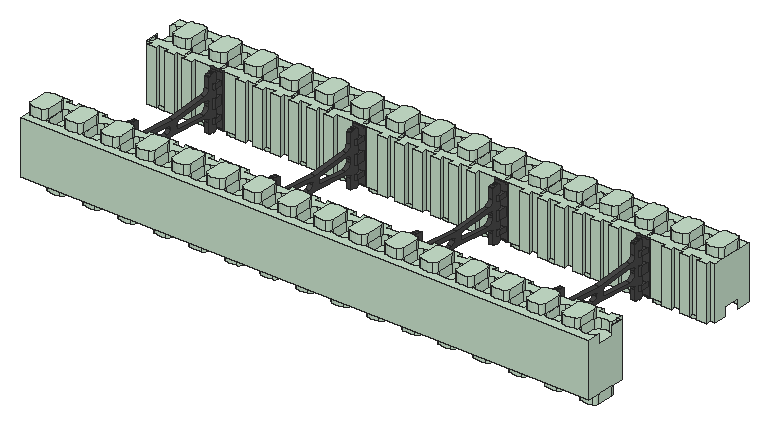
Revit family
Parameters (values of type "6-inch Height Adjuster")
  URL = "www.nudura.com"
  Overall Form Thickness = 0' - 11 1/4"
  Model = "6-inch Height Adjuster"
  Manufacturer = "NUDURA Corporation"
  Length = 2' - 8"
  Concrete Core Thickness = 0' - 6"
Reference planes (in)
  plane 1 "Center (Front/Back)": y = 0
  plane 2: z = 0
  plane 3 "Center (Left/Right)": x = 0
  plane 4: y = 2.625
  plane 5: x = 32
  plane 6: z = 3
  plane 7: y = 8.625
  plane 8: y = 11.25
Forms (in)
  Extrusion 1, solid, material "EPS- NUDURA- Foam Panel"
    sketch origin (0, 0, 0) x (1, 0, 0) y (0, 1, 0)
      loop
        line (0, 2.375) -> (0, 0) -> (32, 0) -> (32, 2.375) -> (31.71883, 2.375) -> (31.78117, 2.625) -> (31.21883, 2.625) -> (31.28117, 2.375) -> (30.71883, 2.375) -> (30.78117, 2.625) -> (30.21883, 2.625) -> (30.28117, 2.375) -> (29.71883, 2.375) -> (29.78117, 2.625) -> (29.21883, 2.625) -> (29.28117, 2.375) -> (26.71883, 2.375) -> (26.78117, 2.625) -> (26.21883, 2.625) -> (26.28117, 2.375) -> (25.71883, 2.375) -> (25.78117, 2.625) -> (25.21883, 2.625) -> (25.28117, 2.375) -> (24.71883, 2.375) -> (24.78117, 2.625) -> (24.21883, 2.625) -> (24.28117, 2.375) -> (23.71883, 2.375) -> (23.78117, 2.625) -> (23.21883, 2.625) -> (23.28117, 2.375) -> (22.71883, 2.375) -> (22.78117, 2.625) -> (22.21883, 2.625) -> (22.28117, 2.375) -> (21.71883, 2.375) -> (21.78117, 2.625) -> (21.21883, 2.625) -> (21.28117, 2.375) -> (18.71883, 2.375) -> (18.78117, 2.625) -> (18.21883, 2.625) -> (18.28117, 2.375) -> (17.71883, 2.375) -> (17.78117, 2.625) -> (17.21883, 2.625) -> (17.28117, 2.375) -> (16.71883, 2.375) -> (16.78117, 2.625) -> (16.21883, 2.625) -> (16.28117, 2.375) -> (15.71883, 2.375) -> (15.78117, 2.625) -> (15.21883, 2.625) -> (15.28117, 2.375) -> (14.71883, 2.375) -> (14.78117, 2.625) -> (14.21883, 2.625) -> (14.28117, 2.375) -> (13.71883, 2.375) -> (13.78117, 2.625) -> (13.21883, 2.625) -> (13.28117, 2.375) -> (10.71883, 2.375) -> (10.78117, 2.625) -> (10.21883, 2.625) -> (10.28117, 2.375) -> (9.71883, 2.375) -> (9.78117, 2.625) -> (9.21883, 2.625) -> (9.28117, 2.375) -> (8.71883, 2.375) -> (8.78117, 2.625) -> (8.21883, 2.625) -> (8.28117, 2.375) -> (7.71883, 2.375) -> (7.78117, 2.625) -> (7.21883, 2.625) -> (7.28117, 2.375) -> (6.71883, 2.375) -> (6.78117, 2.625) -> (6.21883, 2.625) -> (6.28117, 2.375) -> (5.71883, 2.375) -> (5.78117, 2.625) -> (5.21883, 2.625) -> (5.28117, 2.375) -> (2.71883, 2.375) -> (2.78117, 2.625) -> (2.21883, 2.625) -> (2.28117, 2.375) -> (1.71883, 2.375) -> (1.78117, 2.625) -> (1.21883, 2.625) -> (1.28117, 2.375) -> (0.71883, 2.375) -> (0.78117, 2.625) -> (0.21883, 2.625) -> (0.28117, 2.375) -> (0, 2.375)
      loop
        line (0, 8.875) -> (0.28117, 8.875) -> (0.21883, 8.625) -> (0.78117, 8.625) -> (0.71883, 8.875) -> (1.28117, 8.875) -> (1.21883, 8.625) -> (1.78117, 8.625) -> (1.71883, 8.875) -> (2.28117, 8.875) -> (2.21883, 8.625) -> (2.78117, 8.625) -> (2.71883, 8.875) -> (5.28117, 8.875) -> (5.21883, 8.625) -> (5.78117, 8.625) -> (5.71883, 8.875) -> (6.28117, 8.875) -> (6.21883, 8.625) -> (6.78117, 8.625) -> (6.71883, 8.875) -> (7.28117, 8.875) -> (7.21883, 8.625) -> (7.78117, 8.625) -> (7.71883, 8.875) -> (8.28117, 8.875) -> (8.21883, 8.625) -> (8.78117, 8.625) -> (8.71883, 8.875) -> (9.28117, 8.875) -> (9.21883, 8.625) -> (9.78117, 8.625) -> (9.71883, 8.875) -> (10.28117, 8.875) -> (10.21883, 8.625) -> (10.78117, 8.625) -> (10.71883, 8.875) -> (13.28117, 8.875) -> (13.21883, 8.625) -> (13.78117, 8.625) -> (13.71883, 8.875) -> (14.28117, 8.875) -> (14.21883, 8.625) -> (14.78117, 8.625) -> (14.71883, 8.875) -> (15.28117, 8.875) -> (15.21883, 8.625) -> (15.78117, 8.625) -> (15.71883, 8.875) -> (16.28117, 8.875) -> (16.21883, 8.625) -> (16.78117, 8.625) -> (16.71883, 8.875) -> (17.28117, 8.875) -> (17.21883, 8.625) -> (17.78117, 8.625) -> (17.71883, 8.875) -> (18.28117, 8.875) -> (18.21883, 8.625) -> (18.78117, 8.625) -> (18.71883, 8.875) -> (21.28117, 8.875) -> (21.21883, 8.625) -> (21.78117, 8.625) -> (21.71883, 8.875) -> (22.28117, 8.875) -> (22.21883, 8.625) -> (22.78117, 8.625) -> (22.71883, 8.875) -> (23.28117, 8.875) -> (23.21883, 8.625) -> (23.78117, 8.625) -> (23.71883, 8.875) -> (24.28117, 8.875) -> (24.21883, 8.625) -> (24.78117, 8.625) -> (24.71883, 8.875) -> (25.28117, 8.875) -> (25.21883, 8.625) -> (25.78117, 8.625) -> (25.71883, 8.875) -> (26.28117, 8.875) -> (26.21883, 8.625) -> (26.78117, 8.625) -> (26.71883, 8.875) -> (29.28117, 8.875) -> (29.21883, 8.625) -> (29.78117, 8.625) -> (29.71883, 8.875) -> (30.28117, 8.875) -> (30.21883, 8.625) -> (30.78117, 8.625) -> (30.71883, 8.875) -> (31.28117, 8.875) -> (31.21883, 8.625) -> (31.78117, 8.625) -> (31.71883, 8.875) -> (32, 8.875) -> (32, 11.25) -> (0, 11.25) -> (0, 8.875)
    from 0 to 3
  Extrusion 2, void
    sketch origin (0, 0, 0) x (1, 0, 0) y (0, 1, 0)
      loop
        line (1.74592, 2.20655) -> (1.74592, 1.98495)
        arc (1.74592, 1.98495) -> (1.72385, 1.93729) -> (1.67323, 1.92328) r 0.0625
        arc (1.67323, 1.92328) -> (1.42092, 1.93455) -> (1.17308, 1.88595) r 1.0625
        arc (1.17308, 1.88595) -> (1.04785, 1.79517) -> (1, 1.64808) r 0.25
        line (1, 1.64808) -> (1, 0.72692)
        arc (1, 0.72692) -> (1.04785, 0.57983) -> (1.17308, 0.48905) r 0.25
        arc (1.17308, 0.48905) -> (1.5, 0.4375) -> (1.82692, 0.48905) r 1.0625
        arc (1.82692, 0.48905) -> (1.95215, 0.57983) -> (2, 0.72692) r 0.25
        line (2, 0.72692) -> (2, 1.64808)
        arc (2, 1.64808) -> (1.98276, 1.73932) -> (1.9334, 1.81798) r 0.25
        arc (1.9334, 1.81798) -> (1.92106, 1.83764) -> (1.91675, 1.86045) r 0.0625
        line (1.91675, 1.86045) -> (1.91675, 2.20655) -> (1.74592, 2.20655)
    from 3 to 2.5
  Extrusion 3, void
    sketch origin (2, 0, 0) x (1, 0, 0) y (0, 1, 0)
      loop
        line (1.74592, 2.20655) -> (1.74592, 1.98495)
        arc (1.74592, 1.98495) -> (1.72385, 1.93729) -> (1.67323, 1.92328) r 0.0625
        arc (1.67323, 1.92328) -> (1.42092, 1.93455) -> (1.17308, 1.88595) r 1.0625
        arc (1.17308, 1.88595) -> (1.04785, 1.79517) -> (1, 1.64808) r 0.25
        line (1, 1.64808) -> (1, 0.72692)
        arc (1, 0.72692) -> (1.04785, 0.57983) -> (1.17308, 0.48905) r 0.25
        arc (1.17308, 0.48905) -> (1.5, 0.4375) -> (1.82692, 0.48905) r 1.0625
        arc (1.82692, 0.48905) -> (1.95215, 0.57983) -> (2, 0.72692) r 0.25
        line (2, 0.72692) -> (2, 1.64808)
        arc (2, 1.64808) -> (1.98276, 1.73932) -> (1.9334, 1.81798) r 0.25
        arc (1.9334, 1.81798) -> (1.92106, 1.83764) -> (1.91675, 1.86045) r 0.0625
        line (1.91675, 1.86045) -> (1.91675, 2.20655) -> (1.74592, 2.20655)
    from 3 to 2.5
  Extrusion 4, void
    sketch origin (4, 0, 0) x (1, 0, 0) y (0, 1, 0)
      loop
        line (1.74592, 2.20655) -> (1.74592, 1.98495)
        arc (1.74592, 1.98495) -> (1.72385, 1.93729) -> (1.67323, 1.92328) r 0.0625
        arc (1.67323, 1.92328) -> (1.42092, 1.93455) -> (1.17308, 1.88595) r 1.0625
        arc (1.17308, 1.88595) -> (1.04785, 1.79517) -> (1, 1.64808) r 0.25
        line (1, 1.64808) -> (1, 0.72692)
        arc (1, 0.72692) -> (1.04785, 0.57983) -> (1.17308, 0.48905) r 0.25
        arc (1.17308, 0.48905) -> (1.5, 0.4375) -> (1.82692, 0.48905) r 1.0625
        arc (1.82692, 0.48905) -> (1.95215, 0.57983) -> (2, 0.72692) r 0.25
        line (2, 0.72692) -> (2, 1.64808)
        arc (2, 1.64808) -> (1.98276, 1.73932) -> (1.9334, 1.81798) r 0.25
        arc (1.9334, 1.81798) -> (1.92106, 1.83764) -> (1.91675, 1.86045) r 0.0625
        line (1.91675, 1.86045) -> (1.91675, 2.20655) -> (1.74592, 2.20655)
    from 3 to 2.5
  Extrusion 5, void
    sketch origin (6, 0, 0) x (1, 0, 0) y (0, 1, 0)
      loop
        line (1.74592, 2.20655) -> (1.74592, 1.98495)
        arc (1.74592, 1.98495) -> (1.72385, 1.93729) -> (1.67323, 1.92328) r 0.0625
        arc (1.67323, 1.92328) -> (1.42092, 1.93455) -> (1.17308, 1.88595) r 1.0625
        arc (1.17308, 1.88595) -> (1.04785, 1.79517) -> (1, 1.64808) r 0.25
        line (1, 1.64808) -> (1, 0.72692)
        arc (1, 0.72692) -> (1.04785, 0.57983) -> (1.17308, 0.48905) r 0.25
        arc (1.17308, 0.48905) -> (1.5, 0.4375) -> (1.82692, 0.48905) r 1.0625
        arc (1.82692, 0.48905) -> (1.95215, 0.57983) -> (2, 0.72692) r 0.25
        line (2, 0.72692) -> (2, 1.64808)
        arc (2, 1.64808) -> (1.98276, 1.73932) -> (1.9334, 1.81798) r 0.25
        arc (1.9334, 1.81798) -> (1.92106, 1.83764) -> (1.91675, 1.86045) r 0.0625
        line (1.91675, 1.86045) -> (1.91675, 2.20655) -> (1.74592, 2.20655)
    from 3 to 2.5
  Extrusion 6, void
    sketch origin (8, 0, 0) x (1, 0, 0) y (0, 1, 0)
      loop
        line (1.74592, 2.20655) -> (1.74592, 1.98495)
        arc (1.74592, 1.98495) -> (1.72385, 1.93729) -> (1.67323, 1.92328) r 0.0625
        arc (1.67323, 1.92328) -> (1.42092, 1.93455) -> (1.17308, 1.88595) r 1.0625
        arc (1.17308, 1.88595) -> (1.04785, 1.79517) -> (1, 1.64808) r 0.25
        line (1, 1.64808) -> (1, 0.72692)
        arc (1, 0.72692) -> (1.04785, 0.57983) -> (1.17308, 0.48905) r 0.25
        arc (1.17308, 0.48905) -> (1.5, 0.4375) -> (1.82692, 0.48905) r 1.0625
        arc (1.82692, 0.48905) -> (1.95215, 0.57983) -> (2, 0.72692) r 0.25
        line (2, 0.72692) -> (2, 1.64808)
        arc (2, 1.64808) -> (1.98276, 1.73932) -> (1.9334, 1.81798) r 0.25
        arc (1.9334, 1.81798) -> (1.92106, 1.83764) -> (1.91675, 1.86045) r 0.0625
        line (1.91675, 1.86045) -> (1.91675, 2.20655) -> (1.74592, 2.20655)
    from 3 to 2.5
  Extrusion 7, void
    sketch origin (10, 0, 0) x (1, 0, 0) y (0, 1, 0)
      loop
        line (1.74592, 2.20655) -> (1.74592, 1.98495)
        arc (1.74592, 1.98495) -> (1.72385, 1.93729) -> (1.67323, 1.92328) r 0.0625
        arc (1.67323, 1.92328) -> (1.42092, 1.93455) -> (1.17308, 1.88595) r 1.0625
        arc (1.17308, 1.88595) -> (1.04785, 1.79517) -> (1, 1.64808) r 0.25
        line (1, 1.64808) -> (1, 0.72692)
        arc (1, 0.72692) -> (1.04785, 0.57983) -> (1.17308, 0.48905) r 0.25
        arc (1.17308, 0.48905) -> (1.5, 0.4375) -> (1.82692, 0.48905) r 1.0625
        arc (1.82692, 0.48905) -> (1.95215, 0.57983) -> (2, 0.72692) r 0.25
        line (2, 0.72692) -> (2, 1.64808)
        arc (2, 1.64808) -> (1.98276, 1.73932) -> (1.9334, 1.81798) r 0.25
        arc (1.9334, 1.81798) -> (1.92106, 1.83764) -> (1.91675, 1.86045) r 0.0625
        line (1.91675, 1.86045) -> (1.91675, 2.20655) -> (1.74592, 2.20655)
    from 3 to 2.5
  Extrusion 8, void
    sketch origin (12, 0, 0) x (1, 0, 0) y (0, 1, 0)
      loop
        line (1.74592, 2.20655) -> (1.74592, 1.98495)
        arc (1.74592, 1.98495) -> (1.72385, 1.93729) -> (1.67323, 1.92328) r 0.0625
        arc (1.67323, 1.92328) -> (1.42092, 1.93455) -> (1.17308, 1.88595) r 1.0625
        arc (1.17308, 1.88595) -> (1.04785, 1.79517) -> (1, 1.64808) r 0.25
        line (1, 1.64808) -> (1, 0.72692)
        arc (1, 0.72692) -> (1.04785, 0.57983) -> (1.17308, 0.48905) r 0.25
        arc (1.17308, 0.48905) -> (1.5, 0.4375) -> (1.82692, 0.48905) r 1.0625
        arc (1.82692, 0.48905) -> (1.95215, 0.57983) -> (2, 0.72692) r 0.25
        line (2, 0.72692) -> (2, 1.64808)
        arc (2, 1.64808) -> (1.98276, 1.73932) -> (1.9334, 1.81798) r 0.25
        arc (1.9334, 1.81798) -> (1.92106, 1.83764) -> (1.91675, 1.86045) r 0.0625
        line (1.91675, 1.86045) -> (1.91675, 2.20655) -> (1.74592, 2.20655)
    from 3 to 2.5
  Extrusion 9, void
    sketch origin (14, 0, 0) x (1, 0, 0) y (0, 1, 0)
      loop
        line (1.74592, 2.20655) -> (1.74592, 1.98495)
        arc (1.74592, 1.98495) -> (1.72385, 1.93729) -> (1.67323, 1.92328) r 0.0625
        arc (1.67323, 1.92328) -> (1.42092, 1.93455) -> (1.17308, 1.88595) r 1.0625
        arc (1.17308, 1.88595) -> (1.04785, 1.79517) -> (1, 1.64808) r 0.25
        line (1, 1.64808) -> (1, 0.72692)
        arc (1, 0.72692) -> (1.04785, 0.57983) -> (1.17308, 0.48905) r 0.25
        arc (1.17308, 0.48905) -> (1.5, 0.4375) -> (1.82692, 0.48905) r 1.0625
        arc (1.82692, 0.48905) -> (1.95215, 0.57983) -> (2, 0.72692) r 0.25
        line (2, 0.72692) -> (2, 1.64808)
        arc (2, 1.64808) -> (1.98276, 1.73932) -> (1.9334, 1.81798) r 0.25
        arc (1.9334, 1.81798) -> (1.92106, 1.83764) -> (1.91675, 1.86045) r 0.0625
        line (1.91675, 1.86045) -> (1.91675, 2.20655) -> (1.74592, 2.20655)
    from 3 to 2.5
  Extrusion 10, void
    sketch origin (16, 0, 0) x (1, 0, 0) y (0, 1, 0)
      loop
        line (1.74592, 2.20655) -> (1.74592, 1.98495)
        arc (1.74592, 1.98495) -> (1.72385, 1.93729) -> (1.67323, 1.92328) r 0.0625
        arc (1.67323, 1.92328) -> (1.42092, 1.93455) -> (1.17308, 1.88595) r 1.0625
        arc (1.17308, 1.88595) -> (1.04785, 1.79517) -> (1, 1.64808) r 0.25
        line (1, 1.64808) -> (1, 0.72692)
        arc (1, 0.72692) -> (1.04785, 0.57983) -> (1.17308, 0.48905) r 0.25
        arc (1.17308, 0.48905) -> (1.5, 0.4375) -> (1.82692, 0.48905) r 1.0625
        arc (1.82692, 0.48905) -> (1.95215, 0.57983) -> (2, 0.72692) r 0.25
        line (2, 0.72692) -> (2, 1.64808)
        arc (2, 1.64808) -> (1.98276, 1.73932) -> (1.9334, 1.81798) r 0.25
        arc (1.9334, 1.81798) -> (1.92106, 1.83764) -> (1.91675, 1.86045) r 0.0625
        line (1.91675, 1.86045) -> (1.91675, 2.20655) -> (1.74592, 2.20655)
    from 3 to 2.5
  Extrusion 11, void
    sketch origin (18, 0, 0) x (1, 0, 0) y (0, 1, 0)
      loop
        line (1.74592, 2.20655) -> (1.74592, 1.98495)
        arc (1.74592, 1.98495) -> (1.72385, 1.93729) -> (1.67323, 1.92328) r 0.0625
        arc (1.67323, 1.92328) -> (1.42092, 1.93455) -> (1.17308, 1.88595) r 1.0625
        arc (1.17308, 1.88595) -> (1.04785, 1.79517) -> (1, 1.64808) r 0.25
        line (1, 1.64808) -> (1, 0.72692)
        arc (1, 0.72692) -> (1.04785, 0.57983) -> (1.17308, 0.48905) r 0.25
        arc (1.17308, 0.48905) -> (1.5, 0.4375) -> (1.82692, 0.48905) r 1.0625
        arc (1.82692, 0.48905) -> (1.95215, 0.57983) -> (2, 0.72692) r 0.25
        line (2, 0.72692) -> (2, 1.64808)
        arc (2, 1.64808) -> (1.98276, 1.73932) -> (1.9334, 1.81798) r 0.25
        arc (1.9334, 1.81798) -> (1.92106, 1.83764) -> (1.91675, 1.86045) r 0.0625
        line (1.91675, 1.86045) -> (1.91675, 2.20655) -> (1.74592, 2.20655)
    from 3 to 2.5
  Extrusion 12, void
    sketch origin (20, 0, 0) x (1, 0, 0) y (0, 1, 0)
      loop
        line (1.74592, 2.20655) -> (1.74592, 1.98495)
        arc (1.74592, 1.98495) -> (1.72385, 1.93729) -> (1.67323, 1.92328) r 0.0625
        arc (1.67323, 1.92328) -> (1.42092, 1.93455) -> (1.17308, 1.88595) r 1.0625
        arc (1.17308, 1.88595) -> (1.04785, 1.79517) -> (1, 1.64808) r 0.25
        line (1, 1.64808) -> (1, 0.72692)
        arc (1, 0.72692) -> (1.04785, 0.57983) -> (1.17308, 0.48905) r 0.25
        arc (1.17308, 0.48905) -> (1.5, 0.4375) -> (1.82692, 0.48905) r 1.0625
        arc (1.82692, 0.48905) -> (1.95215, 0.57983) -> (2, 0.72692) r 0.25
        line (2, 0.72692) -> (2, 1.64808)
        arc (2, 1.64808) -> (1.98276, 1.73932) -> (1.9334, 1.81798) r 0.25
        arc (1.9334, 1.81798) -> (1.92106, 1.83764) -> (1.91675, 1.86045) r 0.0625
        line (1.91675, 1.86045) -> (1.91675, 2.20655) -> (1.74592, 2.20655)
    from 3 to 2.5
  Extrusion 13, void
    sketch origin (22, 0, 0) x (1, 0, 0) y (0, 1, 0)
      loop
        line (1.74592, 2.20655) -> (1.74592, 1.98495)
        arc (1.74592, 1.98495) -> (1.72385, 1.93729) -> (1.67323, 1.92328) r 0.0625
        arc (1.67323, 1.92328) -> (1.42092, 1.93455) -> (1.17308, 1.88595) r 1.0625
        arc (1.17308, 1.88595) -> (1.04785, 1.79517) -> (1, 1.64808) r 0.25
        line (1, 1.64808) -> (1, 0.72692)
        arc (1, 0.72692) -> (1.04785, 0.57983) -> (1.17308, 0.48905) r 0.25
        arc (1.17308, 0.48905) -> (1.5, 0.4375) -> (1.82692, 0.48905) r 1.0625
        arc (1.82692, 0.48905) -> (1.95215, 0.57983) -> (2, 0.72692) r 0.25
        line (2, 0.72692) -> (2, 1.64808)
        arc (2, 1.64808) -> (1.98276, 1.73932) -> (1.9334, 1.81798) r 0.25
        arc (1.9334, 1.81798) -> (1.92106, 1.83764) -> (1.91675, 1.86045) r 0.0625
        line (1.91675, 1.86045) -> (1.91675, 2.20655) -> (1.74592, 2.20655)
    from 3 to 2.5
  Extrusion 14, void
    sketch origin (24, 0, 0) x (1, 0, 0) y (0, 1, 0)
      loop
        line (1.74592, 2.20655) -> (1.74592, 1.98495)
        arc (1.74592, 1.98495) -> (1.72385, 1.93729) -> (1.67323, 1.92328) r 0.0625
        arc (1.67323, 1.92328) -> (1.42092, 1.93455) -> (1.17308, 1.88595) r 1.0625
        arc (1.17308, 1.88595) -> (1.04785, 1.79517) -> (1, 1.64808) r 0.25
        line (1, 1.64808) -> (1, 0.72692)
        arc (1, 0.72692) -> (1.04785, 0.57983) -> (1.17308, 0.48905) r 0.25
        arc (1.17308, 0.48905) -> (1.5, 0.4375) -> (1.82692, 0.48905) r 1.0625
        arc (1.82692, 0.48905) -> (1.95215, 0.57983) -> (2, 0.72692) r 0.25
        line (2, 0.72692) -> (2, 1.64808)
        arc (2, 1.64808) -> (1.98276, 1.73932) -> (1.9334, 1.81798) r 0.25
        arc (1.9334, 1.81798) -> (1.92106, 1.83764) -> (1.91675, 1.86045) r 0.0625
        line (1.91675, 1.86045) -> (1.91675, 2.20655) -> (1.74592, 2.20655)
    from 3 to 2.5
  Extrusion 15, void
    sketch origin (26, 0, 0) x (1, 0, 0) y (0, 1, 0)
      loop
        line (1.74592, 2.20655) -> (1.74592, 1.98495)
        arc (1.74592, 1.98495) -> (1.72385, 1.93729) -> (1.67323, 1.92328) r 0.0625
        arc (1.67323, 1.92328) -> (1.42092, 1.93455) -> (1.17308, 1.88595) r 1.0625
        arc (1.17308, 1.88595) -> (1.04785, 1.79517) -> (1, 1.64808) r 0.25
        line (1, 1.64808) -> (1, 0.72692)
        arc (1, 0.72692) -> (1.04785, 0.57983) -> (1.17308, 0.48905) r 0.25
        arc (1.17308, 0.48905) -> (1.5, 0.4375) -> (1.82692, 0.48905) r 1.0625
        arc (1.82692, 0.48905) -> (1.95215, 0.57983) -> (2, 0.72692) r 0.25
        line (2, 0.72692) -> (2, 1.64808)
        arc (2, 1.64808) -> (1.98276, 1.73932) -> (1.9334, 1.81798) r 0.25
        arc (1.9334, 1.81798) -> (1.92106, 1.83764) -> (1.91675, 1.86045) r 0.0625
        line (1.91675, 1.86045) -> (1.91675, 2.20655) -> (1.74592, 2.20655)
    from 3 to 2.5
  Extrusion 16, void
    sketch origin (28, 0, 0) x (1, 0, 0) y (0, 1, 0)
      loop
        line (1.74592, 2.20655) -> (1.74592, 1.98495)
        arc (1.74592, 1.98495) -> (1.72385, 1.93729) -> (1.67323, 1.92328) r 0.0625
        arc (1.67323, 1.92328) -> (1.42092, 1.93455) -> (1.17308, 1.88595) r 1.0625
        arc (1.17308, 1.88595) -> (1.04785, 1.79517) -> (1, 1.64808) r 0.25
        line (1, 1.64808) -> (1, 0.72692)
        arc (1, 0.72692) -> (1.04785, 0.57983) -> (1.17308, 0.48905) r 0.25
        arc (1.17308, 0.48905) -> (1.5, 0.4375) -> (1.82692, 0.48905) r 1.0625
        arc (1.82692, 0.48905) -> (1.95215, 0.57983) -> (2, 0.72692) r 0.25
        line (2, 0.72692) -> (2, 1.64808)
        arc (2, 1.64808) -> (1.98276, 1.73932) -> (1.9334, 1.81798) r 0.25
        arc (1.9334, 1.81798) -> (1.92106, 1.83764) -> (1.91675, 1.86045) r 0.0625
        line (1.91675, 1.86045) -> (1.91675, 2.20655) -> (1.74592, 2.20655)
    from 3 to 2.5
  Extrusion 17, void
    sketch origin (30, 0, 0) x (1, 0, 0) y (0, 1, 0)
      loop
        line (1.74592, 2.20655) -> (1.74592, 1.98495)
        arc (1.74592, 1.98495) -> (1.72385, 1.93729) -> (1.67323, 1.92328) r 0.0625
        arc (1.67323, 1.92328) -> (1.42092, 1.93455) -> (1.17308, 1.88595) r 1.0625
        arc (1.17308, 1.88595) -> (1.04785, 1.79517) -> (1, 1.64808) r 0.25
        line (1, 1.64808) -> (1, 0.72692)
        arc (1, 0.72692) -> (1.04785, 0.57983) -> (1.17308, 0.48905) r 0.25
        arc (1.17308, 0.48905) -> (1.5, 0.4375) -> (1.82692, 0.48905) r 1.0625
        arc (1.82692, 0.48905) -> (1.95215, 0.57983) -> (2, 0.72692) r 0.25
        line (2, 0.72692) -> (2, 1.64808)
        arc (2, 1.64808) -> (1.98276, 1.73932) -> (1.9334, 1.81798) r 0.25
        arc (1.9334, 1.81798) -> (1.92106, 1.83764) -> (1.91675, 1.86045) r 0.0625
        line (1.91675, 1.86045) -> (1.91675, 2.20655) -> (1.74592, 2.20655)
    from 3 to 2.5
  Extrusion 18, void
    sketch origin (0, 0, 0) x (1, 0, 0) y (0, 1, 0)
      loop
        line (0.25408, 2.20655) -> (0.08325, 2.20655) -> (0.08325, 1.86045)
        arc (0.08325, 1.86045) -> (0.07894, 1.83764) -> (0.0666, 1.81798) r 0.0625
        arc (0.0666, 1.81798) -> (0.01724, 1.73932) -> (0, 1.64808) r 0.25
        line (0, 1.64808) -> (0, 0.72692)
        arc (0, 0.72692) -> (0.04785, 0.57983) -> (0.17308, 0.48905) r 0.25
        arc (0.17308, 0.48905) -> (0.5, 0.4375) -> (0.82692, 0.48905) r 1.0625
        arc (0.82692, 0.48905) -> (0.95215, 0.57983) -> (1, 0.72692) r 0.25
        line (1, 0.72692) -> (1, 1.64808)
        arc (1, 1.64808) -> (0.95215, 1.79517) -> (0.82692, 1.88595) r 0.25
        arc (0.82692, 1.88595) -> (0.57908, 1.93455) -> (0.32677, 1.92328) r 1.0625
        arc (0.32677, 1.92328) -> (0.27615, 1.93729) -> (0.25408, 1.98495) r 0.0625
        line (0.25408, 1.98495) -> (0.25408, 2.20655)
    from 0 to 0.5
  Extrusion 19, void
    sketch origin (2, 0, 0) x (1, 0, 0) y (0, 1, 0)
      loop
        line (0.25408, 2.20655) -> (0.08325, 2.20655) -> (0.08325, 1.86045)
        arc (0.08325, 1.86045) -> (0.07894, 1.83764) -> (0.0666, 1.81798) r 0.0625
        arc (0.0666, 1.81798) -> (0.01724, 1.73932) -> (0, 1.64808) r 0.25
        line (0, 1.64808) -> (0, 0.72692)
        arc (0, 0.72692) -> (0.04785, 0.57983) -> (0.17308, 0.48905) r 0.25
        arc (0.17308, 0.48905) -> (0.5, 0.4375) -> (0.82692, 0.48905) r 1.0625
        arc (0.82692, 0.48905) -> (0.95215, 0.57983) -> (1, 0.72692) r 0.25
        line (1, 0.72692) -> (1, 1.64808)
        arc (1, 1.64808) -> (0.95215, 1.79517) -> (0.82692, 1.88595) r 0.25
        arc (0.82692, 1.88595) -> (0.57908, 1.93455) -> (0.32677, 1.92328) r 1.0625
        arc (0.32677, 1.92328) -> (0.27615, 1.93729) -> (0.25408, 1.98495) r 0.0625
        line (0.25408, 1.98495) -> (0.25408, 2.20655)
    from 0 to 0.5
  Extrusion 20, void
    sketch origin (4, 0, 0) x (1, 0, 0) y (0, 1, 0)
      loop
        line (0.25408, 2.20655) -> (0.08325, 2.20655) -> (0.08325, 1.86045)
        arc (0.08325, 1.86045) -> (0.07894, 1.83764) -> (0.0666, 1.81798) r 0.0625
        arc (0.0666, 1.81798) -> (0.01724, 1.73932) -> (0, 1.64808) r 0.25
        line (0, 1.64808) -> (0, 0.72692)
        arc (0, 0.72692) -> (0.04785, 0.57983) -> (0.17308, 0.48905) r 0.25
        arc (0.17308, 0.48905) -> (0.5, 0.4375) -> (0.82692, 0.48905) r 1.0625
        arc (0.82692, 0.48905) -> (0.95215, 0.57983) -> (1, 0.72692) r 0.25
        line (1, 0.72692) -> (1, 1.64808)
        arc (1, 1.64808) -> (0.95215, 1.79517) -> (0.82692, 1.88595) r 0.25
        arc (0.82692, 1.88595) -> (0.57908, 1.93455) -> (0.32677, 1.92328) r 1.0625
        arc (0.32677, 1.92328) -> (0.27615, 1.93729) -> (0.25408, 1.98495) r 0.0625
        line (0.25408, 1.98495) -> (0.25408, 2.20655)
    from 0 to 0.5
  Extrusion 21, void
    sketch origin (6, 0, 0) x (1, 0, 0) y (0, 1, 0)
      loop
        line (0.25408, 2.20655) -> (0.08325, 2.20655) -> (0.08325, 1.86045)
        arc (0.08325, 1.86045) -> (0.07894, 1.83764) -> (0.0666, 1.81798) r 0.0625
        arc (0.0666, 1.81798) -> (0.01724, 1.73932) -> (0, 1.64808) r 0.25
        line (0, 1.64808) -> (0, 0.72692)
        arc (0, 0.72692) -> (0.04785, 0.57983) -> (0.17308, 0.48905) r 0.25
        arc (0.17308, 0.48905) -> (0.5, 0.4375) -> (0.82692, 0.48905) r 1.0625
        arc (0.82692, 0.48905) -> (0.95215, 0.57983) -> (1, 0.72692) r 0.25
        line (1, 0.72692) -> (1, 1.64808)
        arc (1, 1.64808) -> (0.95215, 1.79517) -> (0.82692, 1.88595) r 0.25
        arc (0.82692, 1.88595) -> (0.57908, 1.93455) -> (0.32677, 1.92328) r 1.0625
        arc (0.32677, 1.92328) -> (0.27615, 1.93729) -> (0.25408, 1.98495) r 0.0625
        line (0.25408, 1.98495) -> (0.25408, 2.20655)
    from 0 to 0.5
  Extrusion 22, void
    sketch origin (8, 0, 0) x (1, 0, 0) y (0, 1, 0)
      loop
        line (0.25408, 2.20655) -> (0.08325, 2.20655) -> (0.08325, 1.86045)
        arc (0.08325, 1.86045) -> (0.07894, 1.83764) -> (0.0666, 1.81798) r 0.0625
        arc (0.0666, 1.81798) -> (0.01724, 1.73932) -> (0, 1.64808) r 0.25
        line (0, 1.64808) -> (0, 0.72692)
        arc (0, 0.72692) -> (0.04785, 0.57983) -> (0.17308, 0.48905) r 0.25
        arc (0.17308, 0.48905) -> (0.5, 0.4375) -> (0.82692, 0.48905) r 1.0625
        arc (0.82692, 0.48905) -> (0.95215, 0.57983) -> (1, 0.72692) r 0.25
        line (1, 0.72692) -> (1, 1.64808)
        arc (1, 1.64808) -> (0.95215, 1.79517) -> (0.82692, 1.88595) r 0.25
        arc (0.82692, 1.88595) -> (0.57908, 1.93455) -> (0.32677, 1.92328) r 1.0625
        arc (0.32677, 1.92328) -> (0.27615, 1.93729) -> (0.25408, 1.98495) r 0.0625
        line (0.25408, 1.98495) -> (0.25408, 2.20655)
    from 0 to 0.5
  Extrusion 23, void
    sketch origin (10, 0, 0) x (1, 0, 0) y (0, 1, 0)
      loop
        line (0.25408, 2.20655) -> (0.08325, 2.20655) -> (0.08325, 1.86045)
        arc (0.08325, 1.86045) -> (0.07894, 1.83764) -> (0.0666, 1.81798) r 0.0625
        arc (0.0666, 1.81798) -> (0.01724, 1.73932) -> (0, 1.64808) r 0.25
        line (0, 1.64808) -> (0, 0.72692)
        arc (0, 0.72692) -> (0.04785, 0.57983) -> (0.17308, 0.48905) r 0.25
        arc (0.17308, 0.48905) -> (0.5, 0.4375) -> (0.82692, 0.48905) r 1.0625
        arc (0.82692, 0.48905) -> (0.95215, 0.57983) -> (1, 0.72692) r 0.25
        line (1, 0.72692) -> (1, 1.64808)
        arc (1, 1.64808) -> (0.95215, 1.79517) -> (0.82692, 1.88595) r 0.25
        arc (0.82692, 1.88595) -> (0.57908, 1.93455) -> (0.32677, 1.92328) r 1.0625
        arc (0.32677, 1.92328) -> (0.27615, 1.93729) -> (0.25408, 1.98495) r 0.0625
        line (0.25408, 1.98495) -> (0.25408, 2.20655)
    from 0 to 0.5
  Extrusion 24, void
    sketch origin (12, 0, 0) x (1, 0, 0) y (0, 1, 0)
      loop
        line (0.25408, 2.20655) -> (0.08325, 2.20655) -> (0.08325, 1.86045)
        arc (0.08325, 1.86045) -> (0.07894, 1.83764) -> (0.0666, 1.81798) r 0.0625
        arc (0.0666, 1.81798) -> (0.01724, 1.73932) -> (0, 1.64808) r 0.25
        line (0, 1.64808) -> (0, 0.72692)
        arc (0, 0.72692) -> (0.04785, 0.57983) -> (0.17308, 0.48905) r 0.25
        arc (0.17308, 0.48905) -> (0.5, 0.4375) -> (0.82692, 0.48905) r 1.0625
        arc (0.82692, 0.48905) -> (0.95215, 0.57983) -> (1, 0.72692) r 0.25
        line (1, 0.72692) -> (1, 1.64808)
        arc (1, 1.64808) -> (0.95215, 1.79517) -> (0.82692, 1.88595) r 0.25
        arc (0.82692, 1.88595) -> (0.57908, 1.93455) -> (0.32677, 1.92328) r 1.0625
        arc (0.32677, 1.92328) -> (0.27615, 1.93729) -> (0.25408, 1.98495) r 0.0625
        line (0.25408, 1.98495) -> (0.25408, 2.20655)
    from 0 to 0.5
  Extrusion 25, void
    sketch origin (14, 0, 0) x (1, 0, 0) y (0, 1, 0)
      loop
        line (0.25408, 2.20655) -> (0.08325, 2.20655) -> (0.08325, 1.86045)
        arc (0.08325, 1.86045) -> (0.07894, 1.83764) -> (0.0666, 1.81798) r 0.0625
        arc (0.0666, 1.81798) -> (0.01724, 1.73932) -> (0, 1.64808) r 0.25
        line (0, 1.64808) -> (0, 0.72692)
        arc (0, 0.72692) -> (0.04785, 0.57983) -> (0.17308, 0.48905) r 0.25
        arc (0.17308, 0.48905) -> (0.5, 0.4375) -> (0.82692, 0.48905) r 1.0625
        arc (0.82692, 0.48905) -> (0.95215, 0.57983) -> (1, 0.72692) r 0.25
        line (1, 0.72692) -> (1, 1.64808)
        arc (1, 1.64808) -> (0.95215, 1.79517) -> (0.82692, 1.88595) r 0.25
        arc (0.82692, 1.88595) -> (0.57908, 1.93455) -> (0.32677, 1.92328) r 1.0625
        arc (0.32677, 1.92328) -> (0.27615, 1.93729) -> (0.25408, 1.98495) r 0.0625
        line (0.25408, 1.98495) -> (0.25408, 2.20655)
    from 0 to 0.5
  Extrusion 26, void
    sketch origin (16, 0, 0) x (1, 0, 0) y (0, 1, 0)
      loop
        line (0.25408, 2.20655) -> (0.08325, 2.20655) -> (0.08325, 1.86045)
        arc (0.08325, 1.86045) -> (0.07894, 1.83764) -> (0.0666, 1.81798) r 0.0625
        arc (0.0666, 1.81798) -> (0.01724, 1.73932) -> (0, 1.64808) r 0.25
        line (0, 1.64808) -> (0, 0.72692)
        arc (0, 0.72692) -> (0.04785, 0.57983) -> (0.17308, 0.48905) r 0.25
        arc (0.17308, 0.48905) -> (0.5, 0.4375) -> (0.82692, 0.48905) r 1.0625
        arc (0.82692, 0.48905) -> (0.95215, 0.57983) -> (1, 0.72692) r 0.25
        line (1, 0.72692) -> (1, 1.64808)
        arc (1, 1.64808) -> (0.95215, 1.79517) -> (0.82692, 1.88595) r 0.25
        arc (0.82692, 1.88595) -> (0.57908, 1.93455) -> (0.32677, 1.92328) r 1.0625
        arc (0.32677, 1.92328) -> (0.27615, 1.93729) -> (0.25408, 1.98495) r 0.0625
        line (0.25408, 1.98495) -> (0.25408, 2.20655)
    from 0 to 0.5
  Extrusion 27, void
    sketch origin (18, 0, 0) x (1, 0, 0) y (0, 1, 0)
      loop
        line (0.25408, 2.20655) -> (0.08325, 2.20655) -> (0.08325, 1.86045)
        arc (0.08325, 1.86045) -> (0.07894, 1.83764) -> (0.0666, 1.81798) r 0.0625
        arc (0.0666, 1.81798) -> (0.01724, 1.73932) -> (0, 1.64808) r 0.25
        line (0, 1.64808) -> (0, 0.72692)
        arc (0, 0.72692) -> (0.04785, 0.57983) -> (0.17308, 0.48905) r 0.25
        arc (0.17308, 0.48905) -> (0.5, 0.4375) -> (0.82692, 0.48905) r 1.0625
        arc (0.82692, 0.48905) -> (0.95215, 0.57983) -> (1, 0.72692) r 0.25
        line (1, 0.72692) -> (1, 1.64808)
        arc (1, 1.64808) -> (0.95215, 1.79517) -> (0.82692, 1.88595) r 0.25
        arc (0.82692, 1.88595) -> (0.57908, 1.93455) -> (0.32677, 1.92328) r 1.0625
        arc (0.32677, 1.92328) -> (0.27615, 1.93729) -> (0.25408, 1.98495) r 0.0625
        line (0.25408, 1.98495) -> (0.25408, 2.20655)
    from 0 to 0.5
  Extrusion 28, void
    sketch origin (20, 0, 0) x (1, 0, 0) y (0, 1, 0)
      loop
        line (0.25408, 2.20655) -> (0.08325, 2.20655) -> (0.08325, 1.86045)
        arc (0.08325, 1.86045) -> (0.07894, 1.83764) -> (0.0666, 1.81798) r 0.0625
        arc (0.0666, 1.81798) -> (0.01724, 1.73932) -> (0, 1.64808) r 0.25
        line (0, 1.64808) -> (0, 0.72692)
        arc (0, 0.72692) -> (0.04785, 0.57983) -> (0.17308, 0.48905) r 0.25
        arc (0.17308, 0.48905) -> (0.5, 0.4375) -> (0.82692, 0.48905) r 1.0625
        arc (0.82692, 0.48905) -> (0.95215, 0.57983) -> (1, 0.72692) r 0.25
        line (1, 0.72692) -> (1, 1.64808)
        arc (1, 1.64808) -> (0.95215, 1.79517) -> (0.82692, 1.88595) r 0.25
        arc (0.82692, 1.88595) -> (0.57908, 1.93455) -> (0.32677, 1.92328) r 1.0625
        arc (0.32677, 1.92328) -> (0.27615, 1.93729) -> (0.25408, 1.98495) r 0.0625
        line (0.25408, 1.98495) -> (0.25408, 2.20655)
    from 0 to 0.5
  Extrusion 29, void
    sketch origin (22, 0, 0) x (1, 0, 0) y (0, 1, 0)
      loop
        line (0.25408, 2.20655) -> (0.08325, 2.20655) -> (0.08325, 1.86045)
        arc (0.08325, 1.86045) -> (0.07894, 1.83764) -> (0.0666, 1.81798) r 0.0625
        arc (0.0666, 1.81798) -> (0.01724, 1.73932) -> (0, 1.64808) r 0.25
        line (0, 1.64808) -> (0, 0.72692)
        arc (0, 0.72692) -> (0.04785, 0.57983) -> (0.17308, 0.48905) r 0.25
        arc (0.17308, 0.48905) -> (0.5, 0.4375) -> (0.82692, 0.48905) r 1.0625
        arc (0.82692, 0.48905) -> (0.95215, 0.57983) -> (1, 0.72692) r 0.25
        line (1, 0.72692) -> (1, 1.64808)
        arc (1, 1.64808) -> (0.95215, 1.79517) -> (0.82692, 1.88595) r 0.25
        arc (0.82692, 1.88595) -> (0.57908, 1.93455) -> (0.32677, 1.92328) r 1.0625
        arc (0.32677, 1.92328) -> (0.27615, 1.93729) -> (0.25408, 1.98495) r 0.0625
        line (0.25408, 1.98495) -> (0.25408, 2.20655)
    from 0 to 0.5
  Extrusion 30, void
    sketch origin (24, 0, 0) x (1, 0, 0) y (0, 1, 0)
      loop
        line (0.25408, 2.20655) -> (0.08325, 2.20655) -> (0.08325, 1.86045)
        arc (0.08325, 1.86045) -> (0.07894, 1.83764) -> (0.0666, 1.81798) r 0.0625
        arc (0.0666, 1.81798) -> (0.01724, 1.73932) -> (0, 1.64808) r 0.25
        line (0, 1.64808) -> (0, 0.72692)
        arc (0, 0.72692) -> (0.04785, 0.57983) -> (0.17308, 0.48905) r 0.25
        arc (0.17308, 0.48905) -> (0.5, 0.4375) -> (0.82692, 0.48905) r 1.0625
        arc (0.82692, 0.48905) -> (0.95215, 0.57983) -> (1, 0.72692) r 0.25
        line (1, 0.72692) -> (1, 1.64808)
        arc (1, 1.64808) -> (0.95215, 1.79517) -> (0.82692, 1.88595) r 0.25
        arc (0.82692, 1.88595) -> (0.57908, 1.93455) -> (0.32677, 1.92328) r 1.0625
        arc (0.32677, 1.92328) -> (0.27615, 1.93729) -> (0.25408, 1.98495) r 0.0625
        line (0.25408, 1.98495) -> (0.25408, 2.20655)
    from 0 to 0.5
  Extrusion 31, void
    sketch origin (26, 0, 0) x (1, 0, 0) y (0, 1, 0)
      loop
        line (0.25408, 2.20655) -> (0.08325, 2.20655) -> (0.08325, 1.86045)
        arc (0.08325, 1.86045) -> (0.07894, 1.83764) -> (0.0666, 1.81798) r 0.0625
        arc (0.0666, 1.81798) -> (0.01724, 1.73932) -> (0, 1.64808) r 0.25
        line (0, 1.64808) -> (0, 0.72692)
        arc (0, 0.72692) -> (0.04785, 0.57983) -> (0.17308, 0.48905) r 0.25
        arc (0.17308, 0.48905) -> (0.5, 0.4375) -> (0.82692, 0.48905) r 1.0625
        arc (0.82692, 0.48905) -> (0.95215, 0.57983) -> (1, 0.72692) r 0.25
        line (1, 0.72692) -> (1, 1.64808)
        arc (1, 1.64808) -> (0.95215, 1.79517) -> (0.82692, 1.88595) r 0.25
        arc (0.82692, 1.88595) -> (0.57908, 1.93455) -> (0.32677, 1.92328) r 1.0625
        arc (0.32677, 1.92328) -> (0.27615, 1.93729) -> (0.25408, 1.98495) r 0.0625
        line (0.25408, 1.98495) -> (0.25408, 2.20655)
    from 0 to 0.5
  Extrusion 32, void
    sketch origin (28, 0, 0) x (1, 0, 0) y (0, 1, 0)
      loop
        line (0.25408, 2.20655) -> (0.08325, 2.20655) -> (0.08325, 1.86045)
        arc (0.08325, 1.86045) -> (0.07894, 1.83764) -> (0.0666, 1.81798) r 0.0625
        arc (0.0666, 1.81798) -> (0.01724, 1.73932) -> (0, 1.64808) r 0.25
        line (0, 1.64808) -> (0, 0.72692)
        arc (0, 0.72692) -> (0.04785, 0.57983) -> (0.17308, 0.48905) r 0.25
        arc (0.17308, 0.48905) -> (0.5, 0.4375) -> (0.82692, 0.48905) r 1.0625
        arc (0.82692, 0.48905) -> (0.95215, 0.57983) -> (1, 0.72692) r 0.25
        line (1, 0.72692) -> (1, 1.64808)
        arc (1, 1.64808) -> (0.95215, 1.79517) -> (0.82692, 1.88595) r 0.25
        arc (0.82692, 1.88595) -> (0.57908, 1.93455) -> (0.32677, 1.92328) r 1.0625
        arc (0.32677, 1.92328) -> (0.27615, 1.93729) -> (0.25408, 1.98495) r 0.0625
        line (0.25408, 1.98495) -> (0.25408, 2.20655)
    from 0 to 0.5
  Extrusion 33, void
    sketch origin (30, 0, 0) x (1, 0, 0) y (0, 1, 0)
      loop
        line (0.25408, 2.20655) -> (0.08325, 2.20655) -> (0.08325, 1.86045)
        arc (0.08325, 1.86045) -> (0.07894, 1.83764) -> (0.0666, 1.81798) r 0.0625
        arc (0.0666, 1.81798) -> (0.01724, 1.73932) -> (0, 1.64808) r 0.25
        line (0, 1.64808) -> (0, 0.72692)
        arc (0, 0.72692) -> (0.04785, 0.57983) -> (0.17308, 0.48905) r 0.25
        arc (0.17308, 0.48905) -> (0.5, 0.4375) -> (0.82692, 0.48905) r 1.0625
        arc (0.82692, 0.48905) -> (0.95215, 0.57983) -> (1, 0.72692) r 0.25
        line (1, 0.72692) -> (1, 1.64808)
        arc (1, 1.64808) -> (0.95215, 1.79517) -> (0.82692, 1.88595) r 0.25
        arc (0.82692, 1.88595) -> (0.57908, 1.93455) -> (0.32677, 1.92328) r 1.0625
        arc (0.32677, 1.92328) -> (0.27615, 1.93729) -> (0.25408, 1.98495) r 0.0625
        line (0.25408, 1.98495) -> (0.25408, 2.20655)
    from 0 to 0.5
  Extrusion 34, void
    sketch origin (32, 11.25, 0) x (-1, 0, 0) y (0, -1, 0)
      loop
        line (1.74592, 2.20655) -> (1.74592, 1.98495)
        arc (1.74592, 1.98495) -> (1.72385, 1.93729) -> (1.67323, 1.92328) r 0.0625
        arc (1.67323, 1.92328) -> (1.42092, 1.93455) -> (1.17308, 1.88595) r 1.0625
        arc (1.17308, 1.88595) -> (1.04785, 1.79517) -> (1, 1.64808) r 0.25
        line (1, 1.64808) -> (1, 0.72692)
        arc (1, 0.72692) -> (1.04785, 0.57983) -> (1.17308, 0.48905) r 0.25
        arc (1.17308, 0.48905) -> (1.5, 0.4375) -> (1.82692, 0.48905) r 1.0625
        arc (1.82692, 0.48905) -> (1.95215, 0.57983) -> (2, 0.72692) r 0.25
        line (2, 0.72692) -> (2, 1.64808)
        arc (2, 1.64808) -> (1.98276, 1.73932) -> (1.9334, 1.81798) r 0.25
        arc (1.9334, 1.81798) -> (1.92106, 1.83764) -> (1.91675, 1.86045) r 0.0625
        line (1.91675, 1.86045) -> (1.91675, 2.20655) -> (1.74592, 2.20655)
    from 3 to 2.5
  Extrusion 35, void
    sketch origin (30, 11.25, 0) x (-1, 0, 0) y (0, -1, 0)
      loop
        line (1.74592, 2.20655) -> (1.74592, 1.98495)
        arc (1.74592, 1.98495) -> (1.72385, 1.93729) -> (1.67323, 1.92328) r 0.0625
        arc (1.67323, 1.92328) -> (1.42092, 1.93455) -> (1.17308, 1.88595) r 1.0625
        arc (1.17308, 1.88595) -> (1.04785, 1.79517) -> (1, 1.64808) r 0.25
        line (1, 1.64808) -> (1, 0.72692)
        arc (1, 0.72692) -> (1.04785, 0.57983) -> (1.17308, 0.48905) r 0.25
        arc (1.17308, 0.48905) -> (1.5, 0.4375) -> (1.82692, 0.48905) r 1.0625
        arc (1.82692, 0.48905) -> (1.95215, 0.57983) -> (2, 0.72692) r 0.25
        line (2, 0.72692) -> (2, 1.64808)
        arc (2, 1.64808) -> (1.98276, 1.73932) -> (1.9334, 1.81798) r 0.25
        arc (1.9334, 1.81798) -> (1.92106, 1.83764) -> (1.91675, 1.86045) r 0.0625
        line (1.91675, 1.86045) -> (1.91675, 2.20655) -> (1.74592, 2.20655)
    from 3 to 2.5
  Extrusion 36, void
    sketch origin (28, 11.25, 0) x (-1, 0, 0) y (0, -1, 0)
      loop
        line (1.74592, 2.20655) -> (1.74592, 1.98495)
        arc (1.74592, 1.98495) -> (1.72385, 1.93729) -> (1.67323, 1.92328) r 0.0625
        arc (1.67323, 1.92328) -> (1.42092, 1.93455) -> (1.17308, 1.88595) r 1.0625
        arc (1.17308, 1.88595) -> (1.04785, 1.79517) -> (1, 1.64808) r 0.25
        line (1, 1.64808) -> (1, 0.72692)
        arc (1, 0.72692) -> (1.04785, 0.57983) -> (1.17308, 0.48905) r 0.25
        arc (1.17308, 0.48905) -> (1.5, 0.4375) -> (1.82692, 0.48905) r 1.0625
        arc (1.82692, 0.48905) -> (1.95215, 0.57983) -> (2, 0.72692) r 0.25
        line (2, 0.72692) -> (2, 1.64808)
        arc (2, 1.64808) -> (1.98276, 1.73932) -> (1.9334, 1.81798) r 0.25
        arc (1.9334, 1.81798) -> (1.92106, 1.83764) -> (1.91675, 1.86045) r 0.0625
        line (1.91675, 1.86045) -> (1.91675, 2.20655) -> (1.74592, 2.20655)
    from 3 to 2.5
  Extrusion 37, void
    sketch origin (26, 11.25, 0) x (-1, 0, 0) y (0, -1, 0)
      loop
        line (1.74592, 2.20655) -> (1.74592, 1.98495)
        arc (1.74592, 1.98495) -> (1.72385, 1.93729) -> (1.67323, 1.92328) r 0.0625
        arc (1.67323, 1.92328) -> (1.42092, 1.93455) -> (1.17308, 1.88595) r 1.0625
        arc (1.17308, 1.88595) -> (1.04785, 1.79517) -> (1, 1.64808) r 0.25
        line (1, 1.64808) -> (1, 0.72692)
        arc (1, 0.72692) -> (1.04785, 0.57983) -> (1.17308, 0.48905) r 0.25
        arc (1.17308, 0.48905) -> (1.5, 0.4375) -> (1.82692, 0.48905) r 1.0625
        arc (1.82692, 0.48905) -> (1.95215, 0.57983) -> (2, 0.72692) r 0.25
        line (2, 0.72692) -> (2, 1.64808)
        arc (2, 1.64808) -> (1.98276, 1.73932) -> (1.9334, 1.81798) r 0.25
        arc (1.9334, 1.81798) -> (1.92106, 1.83764) -> (1.91675, 1.86045) r 0.0625
        line (1.91675, 1.86045) -> (1.91675, 2.20655) -> (1.74592, 2.20655)
    from 3 to 2.5
  Extrusion 38, void
    sketch origin (24, 11.25, 0) x (-1, 0, 0) y (0, -1, 0)
      loop
        line (1.74592, 2.20655) -> (1.74592, 1.98495)
        arc (1.74592, 1.98495) -> (1.72385, 1.93729) -> (1.67323, 1.92328) r 0.0625
        arc (1.67323, 1.92328) -> (1.42092, 1.93455) -> (1.17308, 1.88595) r 1.0625
        arc (1.17308, 1.88595) -> (1.04785, 1.79517) -> (1, 1.64808) r 0.25
        line (1, 1.64808) -> (1, 0.72692)
        arc (1, 0.72692) -> (1.04785, 0.57983) -> (1.17308, 0.48905) r 0.25
        arc (1.17308, 0.48905) -> (1.5, 0.4375) -> (1.82692, 0.48905) r 1.0625
        arc (1.82692, 0.48905) -> (1.95215, 0.57983) -> (2, 0.72692) r 0.25
        line (2, 0.72692) -> (2, 1.64808)
        arc (2, 1.64808) -> (1.98276, 1.73932) -> (1.9334, 1.81798) r 0.25
        arc (1.9334, 1.81798) -> (1.92106, 1.83764) -> (1.91675, 1.86045) r 0.0625
        line (1.91675, 1.86045) -> (1.91675, 2.20655) -> (1.74592, 2.20655)
    from 3 to 2.5
  Extrusion 39, void
    sketch origin (22, 11.25, 0) x (-1, 0, 0) y (0, -1, 0)
      loop
        line (1.74592, 2.20655) -> (1.74592, 1.98495)
        arc (1.74592, 1.98495) -> (1.72385, 1.93729) -> (1.67323, 1.92328) r 0.0625
        arc (1.67323, 1.92328) -> (1.42092, 1.93455) -> (1.17308, 1.88595) r 1.0625
        arc (1.17308, 1.88595) -> (1.04785, 1.79517) -> (1, 1.64808) r 0.25
        line (1, 1.64808) -> (1, 0.72692)
        arc (1, 0.72692) -> (1.04785, 0.57983) -> (1.17308, 0.48905) r 0.25
        arc (1.17308, 0.48905) -> (1.5, 0.4375) -> (1.82692, 0.48905) r 1.0625
        arc (1.82692, 0.48905) -> (1.95215, 0.57983) -> (2, 0.72692) r 0.25
        line (2, 0.72692) -> (2, 1.64808)
        arc (2, 1.64808) -> (1.98276, 1.73932) -> (1.9334, 1.81798) r 0.25
        arc (1.9334, 1.81798) -> (1.92106, 1.83764) -> (1.91675, 1.86045) r 0.0625
        line (1.91675, 1.86045) -> (1.91675, 2.20655) -> (1.74592, 2.20655)
    from 3 to 2.5
  Extrusion 40, void
    sketch origin (20, 11.25, 0) x (-1, 0, 0) y (0, -1, 0)
      loop
        line (1.74592, 2.20655) -> (1.74592, 1.98495)
        arc (1.74592, 1.98495) -> (1.72385, 1.93729) -> (1.67323, 1.92328) r 0.0625
        arc (1.67323, 1.92328) -> (1.42092, 1.93455) -> (1.17308, 1.88595) r 1.0625
        arc (1.17308, 1.88595) -> (1.04785, 1.79517) -> (1, 1.64808) r 0.25
        line (1, 1.64808) -> (1, 0.72692)
        arc (1, 0.72692) -> (1.04785, 0.57983) -> (1.17308, 0.48905) r 0.25
        arc (1.17308, 0.48905) -> (1.5, 0.4375) -> (1.82692, 0.48905) r 1.0625
        arc (1.82692, 0.48905) -> (1.95215, 0.57983) -> (2, 0.72692) r 0.25
        line (2, 0.72692) -> (2, 1.64808)
        arc (2, 1.64808) -> (1.98276, 1.73932) -> (1.9334, 1.81798) r 0.25
        arc (1.9334, 1.81798) -> (1.92106, 1.83764) -> (1.91675, 1.86045) r 0.0625
        line (1.91675, 1.86045) -> (1.91675, 2.20655) -> (1.74592, 2.20655)
    from 3 to 2.5
  Extrusion 41, void
    sketch origin (18, 11.25, 0) x (-1, 0, 0) y (0, -1, 0)
      loop
        line (1.74592, 2.20655) -> (1.74592, 1.98495)
        arc (1.74592, 1.98495) -> (1.72385, 1.93729) -> (1.67323, 1.92328) r 0.0625
        arc (1.67323, 1.92328) -> (1.42092, 1.93455) -> (1.17308, 1.88595) r 1.0625
        arc (1.17308, 1.88595) -> (1.04785, 1.79517) -> (1, 1.64808) r 0.25
        line (1, 1.64808) -> (1, 0.72692)
        arc (1, 0.72692) -> (1.04785, 0.57983) -> (1.17308, 0.48905) r 0.25
        arc (1.17308, 0.48905) -> (1.5, 0.4375) -> (1.82692, 0.48905) r 1.0625
        arc (1.82692, 0.48905) -> (1.95215, 0.57983) -> (2, 0.72692) r 0.25
        line (2, 0.72692) -> (2, 1.64808)
        arc (2, 1.64808) -> (1.98276, 1.73932) -> (1.9334, 1.81798) r 0.25
        arc (1.9334, 1.81798) -> (1.92106, 1.83764) -> (1.91675, 1.86045) r 0.0625
        line (1.91675, 1.86045) -> (1.91675, 2.20655) -> (1.74592, 2.20655)
    from 3 to 2.5
  Extrusion 42, void
    sketch origin (16, 11.25, 0) x (-1, 0, 0) y (0, -1, 0)
      loop
        line (1.74592, 2.20655) -> (1.74592, 1.98495)
        arc (1.74592, 1.98495) -> (1.72385, 1.93729) -> (1.67323, 1.92328) r 0.0625
        arc (1.67323, 1.92328) -> (1.42092, 1.93455) -> (1.17308, 1.88595) r 1.0625
        arc (1.17308, 1.88595) -> (1.04785, 1.79517) -> (1, 1.64808) r 0.25
        line (1, 1.64808) -> (1, 0.72692)
        arc (1, 0.72692) -> (1.04785, 0.57983) -> (1.17308, 0.48905) r 0.25
        arc (1.17308, 0.48905) -> (1.5, 0.4375) -> (1.82692, 0.48905) r 1.0625
        arc (1.82692, 0.48905) -> (1.95215, 0.57983) -> (2, 0.72692) r 0.25
        line (2, 0.72692) -> (2, 1.64808)
        arc (2, 1.64808) -> (1.98276, 1.73932) -> (1.9334, 1.81798) r 0.25
        arc (1.9334, 1.81798) -> (1.92106, 1.83764) -> (1.91675, 1.86045) r 0.0625
        line (1.91675, 1.86045) -> (1.91675, 2.20655) -> (1.74592, 2.20655)
    from 3 to 2.5
  Extrusion 43, void
    sketch origin (14, 11.25, 0) x (-1, 0, 0) y (0, -1, 0)
      loop
        line (1.74592, 2.20655) -> (1.74592, 1.98495)
        arc (1.74592, 1.98495) -> (1.72385, 1.93729) -> (1.67323, 1.92328) r 0.0625
        arc (1.67323, 1.92328) -> (1.42092, 1.93455) -> (1.17308, 1.88595) r 1.0625
        arc (1.17308, 1.88595) -> (1.04785, 1.79517) -> (1, 1.64808) r 0.25
        line (1, 1.64808) -> (1, 0.72692)
        arc (1, 0.72692) -> (1.04785, 0.57983) -> (1.17308, 0.48905) r 0.25
        arc (1.17308, 0.48905) -> (1.5, 0.4375) -> (1.82692, 0.48905) r 1.0625
        arc (1.82692, 0.48905) -> (1.95215, 0.57983) -> (2, 0.72692) r 0.25
        line (2, 0.72692) -> (2, 1.64808)
        arc (2, 1.64808) -> (1.98276, 1.73932) -> (1.9334, 1.81798) r 0.25
        arc (1.9334, 1.81798) -> (1.92106, 1.83764) -> (1.91675, 1.86045) r 0.0625
        line (1.91675, 1.86045) -> (1.91675, 2.20655) -> (1.74592, 2.20655)
    from 3 to 2.5
  Extrusion 44, void
    sketch origin (12, 11.25, 0) x (-1, 0, 0) y (0, -1, 0)
      loop
        line (1.74592, 2.20655) -> (1.74592, 1.98495)
        arc (1.74592, 1.98495) -> (1.72385, 1.93729) -> (1.67323, 1.92328) r 0.0625
        arc (1.67323, 1.92328) -> (1.42092, 1.93455) -> (1.17308, 1.88595) r 1.0625
        arc (1.17308, 1.88595) -> (1.04785, 1.79517) -> (1, 1.64808) r 0.25
        line (1, 1.64808) -> (1, 0.72692)
        arc (1, 0.72692) -> (1.04785, 0.57983) -> (1.17308, 0.48905) r 0.25
        arc (1.17308, 0.48905) -> (1.5, 0.4375) -> (1.82692, 0.48905) r 1.0625
        arc (1.82692, 0.48905) -> (1.95215, 0.57983) -> (2, 0.72692) r 0.25
        line (2, 0.72692) -> (2, 1.64808)
        arc (2, 1.64808) -> (1.98276, 1.73932) -> (1.9334, 1.81798) r 0.25
        arc (1.9334, 1.81798) -> (1.92106, 1.83764) -> (1.91675, 1.86045) r 0.0625
        line (1.91675, 1.86045) -> (1.91675, 2.20655) -> (1.74592, 2.20655)
    from 3 to 2.5
  Extrusion 45, void
    sketch origin (10, 11.25, 0) x (-1, 0, 0) y (0, -1, 0)
      loop
        line (1.74592, 2.20655) -> (1.74592, 1.98495)
        arc (1.74592, 1.98495) -> (1.72385, 1.93729) -> (1.67323, 1.92328) r 0.0625
        arc (1.67323, 1.92328) -> (1.42092, 1.93455) -> (1.17308, 1.88595) r 1.0625
        arc (1.17308, 1.88595) -> (1.04785, 1.79517) -> (1, 1.64808) r 0.25
        line (1, 1.64808) -> (1, 0.72692)
        arc (1, 0.72692) -> (1.04785, 0.57983) -> (1.17308, 0.48905) r 0.25
        arc (1.17308, 0.48905) -> (1.5, 0.4375) -> (1.82692, 0.48905) r 1.0625
        arc (1.82692, 0.48905) -> (1.95215, 0.57983) -> (2, 0.72692) r 0.25
        line (2, 0.72692) -> (2, 1.64808)
        arc (2, 1.64808) -> (1.98276, 1.73932) -> (1.9334, 1.81798) r 0.25
        arc (1.9334, 1.81798) -> (1.92106, 1.83764) -> (1.91675, 1.86045) r 0.0625
        line (1.91675, 1.86045) -> (1.91675, 2.20655) -> (1.74592, 2.20655)
    from 3 to 2.5
  Extrusion 46, void
    sketch origin (8, 11.25, 0) x (-1, 0, 0) y (0, -1, 0)
      loop
        line (1.74592, 2.20655) -> (1.74592, 1.98495)
        arc (1.74592, 1.98495) -> (1.72385, 1.93729) -> (1.67323, 1.92328) r 0.0625
        arc (1.67323, 1.92328) -> (1.42092, 1.93455) -> (1.17308, 1.88595) r 1.0625
        arc (1.17308, 1.88595) -> (1.04785, 1.79517) -> (1, 1.64808) r 0.25
        line (1, 1.64808) -> (1, 0.72692)
        arc (1, 0.72692) -> (1.04785, 0.57983) -> (1.17308, 0.48905) r 0.25
        arc (1.17308, 0.48905) -> (1.5, 0.4375) -> (1.82692, 0.48905) r 1.0625
        arc (1.82692, 0.48905) -> (1.95215, 0.57983) -> (2, 0.72692) r 0.25
        line (2, 0.72692) -> (2, 1.64808)
        arc (2, 1.64808) -> (1.98276, 1.73932) -> (1.9334, 1.81798) r 0.25
        arc (1.9334, 1.81798) -> (1.92106, 1.83764) -> (1.91675, 1.86045) r 0.0625
        line (1.91675, 1.86045) -> (1.91675, 2.20655) -> (1.74592, 2.20655)
    from 3 to 2.5
  Extrusion 47, void
    sketch origin (6, 11.25, 0) x (-1, 0, 0) y (0, -1, 0)
      loop
        line (1.74592, 2.20655) -> (1.74592, 1.98495)
        arc (1.74592, 1.98495) -> (1.72385, 1.93729) -> (1.67323, 1.92328) r 0.0625
        arc (1.67323, 1.92328) -> (1.42092, 1.93455) -> (1.17308, 1.88595) r 1.0625
        arc (1.17308, 1.88595) -> (1.04785, 1.79517) -> (1, 1.64808) r 0.25
        line (1, 1.64808) -> (1, 0.72692)
        arc (1, 0.72692) -> (1.04785, 0.57983) -> (1.17308, 0.48905) r 0.25
        arc (1.17308, 0.48905) -> (1.5, 0.4375) -> (1.82692, 0.48905) r 1.0625
        arc (1.82692, 0.48905) -> (1.95215, 0.57983) -> (2, 0.72692) r 0.25
        line (2, 0.72692) -> (2, 1.64808)
        arc (2, 1.64808) -> (1.98276, 1.73932) -> (1.9334, 1.81798) r 0.25
        arc (1.9334, 1.81798) -> (1.92106, 1.83764) -> (1.91675, 1.86045) r 0.0625
        line (1.91675, 1.86045) -> (1.91675, 2.20655) -> (1.74592, 2.20655)
    from 3 to 2.5
  Extrusion 48, void
    sketch origin (4, 11.25, 0) x (-1, 0, 0) y (0, -1, 0)
      loop
        line (1.74592, 2.20655) -> (1.74592, 1.98495)
        arc (1.74592, 1.98495) -> (1.72385, 1.93729) -> (1.67323, 1.92328) r 0.0625
        arc (1.67323, 1.92328) -> (1.42092, 1.93455) -> (1.17308, 1.88595) r 1.0625
        arc (1.17308, 1.88595) -> (1.04785, 1.79517) -> (1, 1.64808) r 0.25
        line (1, 1.64808) -> (1, 0.72692)
        arc (1, 0.72692) -> (1.04785, 0.57983) -> (1.17308, 0.48905) r 0.25
        arc (1.17308, 0.48905) -> (1.5, 0.4375) -> (1.82692, 0.48905) r 1.0625
        arc (1.82692, 0.48905) -> (1.95215, 0.57983) -> (2, 0.72692) r 0.25
        line (2, 0.72692) -> (2, 1.64808)
        arc (2, 1.64808) -> (1.98276, 1.73932) -> (1.9334, 1.81798) r 0.25
        arc (1.9334, 1.81798) -> (1.92106, 1.83764) -> (1.91675, 1.86045) r 0.0625
        line (1.91675, 1.86045) -> (1.91675, 2.20655) -> (1.74592, 2.20655)
    from 3 to 2.5
  Extrusion 49, void
    sketch origin (2, 11.25, 0) x (-1, 0, 0) y (0, -1, 0)
      loop
        line (1.74592, 2.20655) -> (1.74592, 1.98495)
        arc (1.74592, 1.98495) -> (1.72385, 1.93729) -> (1.67323, 1.92328) r 0.0625
        arc (1.67323, 1.92328) -> (1.42092, 1.93455) -> (1.17308, 1.88595) r 1.0625
        arc (1.17308, 1.88595) -> (1.04785, 1.79517) -> (1, 1.64808) r 0.25
        line (1, 1.64808) -> (1, 0.72692)
        arc (1, 0.72692) -> (1.04785, 0.57983) -> (1.17308, 0.48905) r 0.25
        arc (1.17308, 0.48905) -> (1.5, 0.4375) -> (1.82692, 0.48905) r 1.0625
        arc (1.82692, 0.48905) -> (1.95215, 0.57983) -> (2, 0.72692) r 0.25
        line (2, 0.72692) -> (2, 1.64808)
        arc (2, 1.64808) -> (1.98276, 1.73932) -> (1.9334, 1.81798) r 0.25
        arc (1.9334, 1.81798) -> (1.92106, 1.83764) -> (1.91675, 1.86045) r 0.0625
        line (1.91675, 1.86045) -> (1.91675, 2.20655) -> (1.74592, 2.20655)
    from 3 to 2.5
  Extrusion 50, void
    sketch origin (32, 11.25, 0) x (-1, 0, 0) y (0, -1, 0)
      loop
        line (0.25408, 2.20655) -> (0.08325, 2.20655) -> (0.08325, 1.86045)
        arc (0.08325, 1.86045) -> (0.07894, 1.83764) -> (0.0666, 1.81798) r 0.0625
        arc (0.0666, 1.81798) -> (0.01724, 1.73932) -> (0, 1.64808) r 0.25
        line (0, 1.64808) -> (0, 0.72692)
        arc (0, 0.72692) -> (0.04785, 0.57983) -> (0.17308, 0.48905) r 0.25
        arc (0.17308, 0.48905) -> (0.5, 0.4375) -> (0.82692, 0.48905) r 1.0625
        arc (0.82692, 0.48905) -> (0.95215, 0.57983) -> (1, 0.72692) r 0.25
        line (1, 0.72692) -> (1, 1.64808)
        arc (1, 1.64808) -> (0.95215, 1.79517) -> (0.82692, 1.88595) r 0.25
        arc (0.82692, 1.88595) -> (0.57908, 1.93455) -> (0.32677, 1.92328) r 1.0625
        arc (0.32677, 1.92328) -> (0.27615, 1.93729) -> (0.25408, 1.98495) r 0.0625
        line (0.25408, 1.98495) -> (0.25408, 2.20655)
    from 0 to 0.5
  Extrusion 51, void
    sketch origin (30, 11.25, 0) x (-1, 0, 0) y (0, -1, 0)
      loop
        line (0.25408, 2.20655) -> (0.08325, 2.20655) -> (0.08325, 1.86045)
